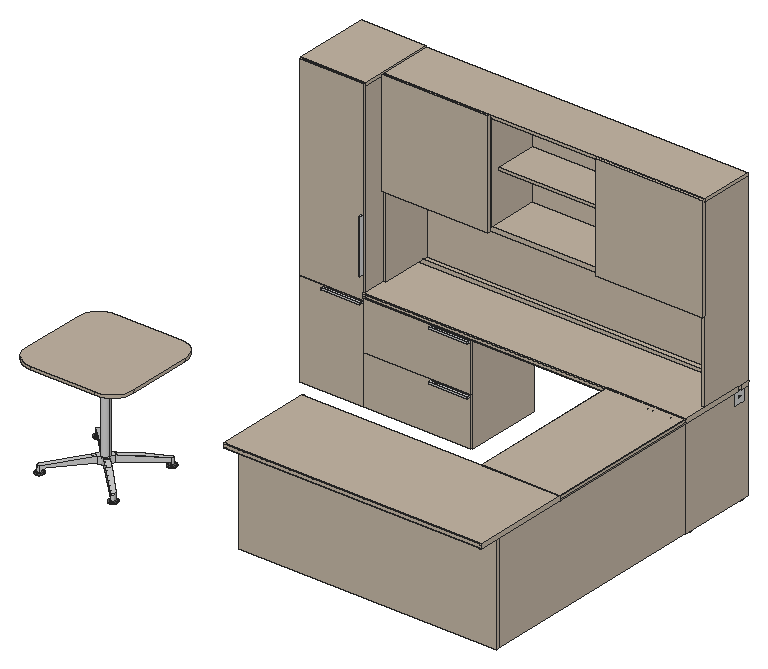
Revit family "FLT007", category Furniture, Revit 2015
Parameters
  Series = "Flux Laminate"
  Manufacturer = "JSI"
  Description = "VL007"
Reference planes (in)
  plane 1 "Center Front/Back": y = 0
  plane 2: z = 0
  plane 3 "Center Left/Right": x = 0
Dimensions and locks (in)
  aligned and locked: level to plane 2
Nested families (in)
  nested 1: "JSI-Flux-Adj_U_Table_Desk_Bridge" at (-35.34409, -82.41031, 1.15479) x (-1, 0, 0) z (0, 0, 1), type "FLT3072-U44AHL, Adj, Dsk L, 80x72, Lam"
    with Height 2' - 5", Total Depth 5' - 11 3/8", L yes, Post Dist 0' - 2 5/16", Int Pnl Dist 0' - 3 53/64", HW Dist 0' - 1 5/64", Gld Dist 0' - 10", Frnt Pnl Dist 0' - 0 53/64", Frnt Fill Dist 0' - 11 21/64", Frnt Cap Dist 0' - 0 53/64", Fill Dist 5' - 8 11/64", End L 0' - 0 1/8", End R 3' - 8", Depth 2' - 3 1/2", Cap Dist R 2' - 2 5/8", Cap Dist L 4' - 3 7/16", Bridge Dist 0' - 0", Bk Prtn Dist 0' - 3 3/4"
  nested 2: "JSI-Flux-File_Pdst_Crdnz" at (-53.21582, -10.75, 0), type "FLT2290-29F4KST, Lt File Pdst Crdnz, Spl Wrksf, L, Laminate"
    with Width 7' - 6", V_Panel_ Dist 7' - 4 3/4", H_Panel_Dist 5' - 10 3/4"
  nested 3: "JSI-Flux-Dbl_Ht_OH_Cab_Sldng_Dr" at (-53.21582, -10.75, 0), type "FLT1690-52SD, Dbl Ht Strg OH Cab, Sldng Dr, Laminate"
    with Width 7' - 5 7/8", Shelf Width_L 2' - 4 13/16", Shelf Width_R 2' - 4 13/16", Shelf Dist_R 5' - 0 5/16", Shelf Dist_C 2' - 6 5/16", Partition Distance_R 2' - 5 9/16", Partition Distance_L 2' - 5 9/16", Door Width 2' - 5 7/8", Door Array Dist 5' - 0", Door Adjust Width 1' - 2 7/8", Shelf Width_Central 2' - 5 1/4"
  nested 4: "JSI-Flux-Wb_Pm_Ht" at (-71.21582, -10.75, 0), type "FLT2218-81FADL, Pntr Drw, Strg Cab, L, Laminate"
    with W yes, V_Void_Dist 0' - 2", V_Pull_R_L no, V_Pull_L_R yes, Top_Pull_Dist 0' - 6 29/32", Top_2_Pull_Dist 0' - 9 5/16", R_Vertical_Pull_Dist 1' - 6 11/32", Partition no, L_Vertical_Pull_Dist 1' - 5 25/32", Hngr_L no, H_Void_Width 1' - 6 1/16", H_Void_Upper_Dist 0' - 2", H_Void_C_Dist 0' - 2", H_Void_Bottom_Dist 0' - 2", H_Dist_V_Void 0' - 8 31/32", Top_Shelf_Width 1' - 4 1/2", H_Dist_Bottom_Shelf 0' - 0", F2 no, F1 no, F0 no, F no, C_Shelf_Width 1' - 4 1/2", C_Pull_Dist 0' - 6 29/32", C_Pull no, Bottom_Shelf_Width 1' - 4 1/2", Bottom_Pull_Dist 0' - 6 29/32", Bottom Pull no
  nested 5: "JSI-Flux-Square-Stationary_Table" at (-80.21582, -88.75, 0), type "FLT3030ST4B,Laminate 30x30 Square Stationary Height Table"
Definition of nested family "JSI-Flux-Adj_U_Table_Desk_Bridge"
  Parameters (values of type "Type Catalog Family - Adj U Desk 36D Brdg")
    Worksurface = none
    Width = 6' - 0"
    URL = "www.jsifurniture.com"
    Type Comments = ""
    Total Depth = 6' - 5 3/8"
    Top Ovrhng = 0' - 5 3/8"
    Series = "FLUX"  # constant formula
    L = no
    Post Dist = if(L, 0' 2 5/16", Width - 0' 2 5/16")  # 5' - 9 11/16"
    Model = "FLT3672-U44AHL"
    Material = ""
    Manufacturer = "JSI"  # constant formula
    Int Pnl Dist = if(L, 0' 3 53/64", Width - 0' 4 37/64")  # 5' - 7 27/64"
    HW Dist = if(L, 0' 1 5/64", Width - 0' 8")  # 5' - 4"
    Gld Dist = if(L, (Bridge Dpth / 2) - 0' 1", Width - (Bridge Dpth / 2) + 0' 1")  # 5' - 2"
    Frnt Pnl W = (Bridge Dpth / 2) + 0' 0 1/4"  # 0' - 11 1/4"
    Frnt Pnl Dist = if(L, 4' 5" / 64, Width - Frnt Pnl W - 4' 5" / 64)  # 4' - 11 59/64"
    Frnt Fill Dist = if(L, (Bridge Dpth / 2 + 0' 0 21/64"), Width - (Bridge Dpth / 2 + 0' 1 5/64"))  # 4' - 11 59/64"
    Frnt Cap W = Frnt Pnl W - 0' 0 3/4"  # 0' - 10 1/2"
    Frnt Cap Dist = if(L, 4' 5" / 64, (Width - (Frnt Pnl W + 0' 5" / 64)))  # 5' - 0 43/64"
    Fill Dist = if(L, Width - 0' 3 53/64", 0' 0 13/16")  # 0' - 0 13/16"
    End L = if(L, 0' 0 1/8", Total Depth - Depth + 0' 0 1/8")  # 3' - 8"
    Keynote = "12500"
    JSI Enviromental Website = "http://www.jsifurniture.com/jsi_sustainability_intro.php"
    Height [instance] = 2' - 5"
    Glides = none
    Frame = none
    End R = if(L, Total Depth - Depth + 0' 0 1/8", 0' 0 1/8")  # 0' - 0 1/8"
    Description = "80\" x 72\" Adjustable Height U Desk Shell and Bridge"
    Depth = 2' - 9 1/2"
    Chassis = none
    Cap Dist R = if(L, Depth - 0' 7" / 8, Total Depth - 1' 7 15/16")  # 4' - 9 7/16"
    Cap Dist L = if(L, Total Depth - 1' 7 15/16", Depth - 0' 0 7/8")  # 2' - 8 5/8"
    Bridge Dpth = 1' - 10"  # constant formula
    Bridge Dist = if(L, 0' 0", Width - Bridge Dpth)  # 4' - 2"
    Bk Prtn Dist = if(Depth < 2' 4", 0' 3 3/4", 0' 6 1/2")  # 0' - 6 1/2"
    Assembly Code = "E2020200"
  Reference planes (in)
    plane 1: z = -1.14927
    plane 2 "Center (Left/Right)": x = -36.06413
    plane 3: z = 27.85073
    plane 4: z = 26.66323
    plane 5 "Center (Front/Back)": y = 10.75
    plane 6: z = -0.83677
    plane 7: y = -22.75
    plane 8: x = 35.93587
    plane 9: x = -0.06413
    plane 10: x = -35.23195
    plane 11: x = -31.48195
    plane 12: x = -35.98195
    plane 13: x = 35.10368
    plane 14: x = 31.35368
    plane 15: x = 35.85368
    plane 16: y = 5.375
    plane 17: y = 4.625
    plane 18: z = 26.40821
    plane 19: y = -9.0625
    plane 20: y = -66.625
    plane 21: x = 33.62337
    plane 22: y = -56
    plane 23: y = -22.625
  Forms (in)
    Extrusion 1, solid, material <- "Chassis"
      sketch origin (0, 0, -1.14927) x (1, 0, 0) y (0, 1, 0)
        loop
          line (-35.98195, 5.375) -> (-35.98195, 4.625) -> (35.85368, 4.625) -> (35.85368, 5.375) -> (-35.98195, 5.375)
      from 0.3125 to 27.55748
    Extrusion 2, solid, material <- "Chassis"
      sketch origin (0, 0, -1.14927) x (1, 0, 0) y (0, 1, 0)
        loop
          line (-35.98195, -22.625) -> (-35.23195, -22.625) -> (-35.23195, 4.625) -> (-35.98195, 4.625) -> (-35.98195, -22.625)
        loop
          line (35.85368, 4.625) -> (35.10368, 4.625) -> (35.10368, -66.5) -> (35.85368, -66.5) -> (35.85368, 4.625)
      from 0.3125 to 27.55748
    Extrusion 3, solid, material <- "Worksurface"
      sketch origin (0, 0, 0) x (0, 1, 0) y (0, 0, 1)
        loop
          line (10.625, 27.85073) -> (-22.625, 27.85073)
          arc (-22.625, 27.85073) -> (-22.71339, 27.81412) -> (-22.75, 27.72573) r 0.125
          line (-22.75, 27.72573) -> (-22.75, 26.78823)
          arc (-22.75, 26.78823) -> (-22.71339, 26.69984) -> (-22.625, 26.66323) r 0.125
          line (-22.625, 26.66323) -> (10.625, 26.66323)
          arc (10.625, 26.66323) -> (10.71339, 26.69984) -> (10.75, 26.78823) r 0.125
          line (10.75, 26.78823) -> (10.75, 27.72573)
          arc (10.75, 27.72573) -> (10.71339, 27.81412) -> (10.625, 27.85073) r 0.125
      from -36.06413 to 35.93587
    Extrusion 4, solid, material <- "Frame", detail levels medium+fine
      sketch origin (0, 0, -1.14927) x (1, 0, 0) y (0, 1, 0)
        loop
          line (-32.87663, -7.4252) -> (-34.76148, -7.4252)
          arc (-34.76148, -7.4252) -> (-34.93825, -7.49842) -> (-35.01148, -7.6752) r 0.25
          line (-35.01148, -7.6752) -> (-35.01148, -10.3248)
          arc (-35.01148, -10.3248) -> (-34.93825, -10.50158) -> (-34.76148, -10.5748) r 0.25
          line (-34.76148, -10.5748) -> (-32.87663, -10.5748)
          arc (-32.87663, -10.5748) -> (-32.69986, -10.50158) -> (-32.62663, -10.3248) r 0.25
          line (-32.62663, -10.3248) -> (-32.62663, -7.6752)
          arc (-32.62663, -7.6752) -> (-32.69986, -7.49842) -> (-32.87663, -7.4252) r 0.25
        loop
          arc (32.74837, -7.4252) -> (32.57159, -7.49842) -> (32.49837, -7.6752) r 0.25
          line (32.49837, -7.6752) -> (32.49837, -10.3248)
          arc (32.49837, -10.3248) -> (32.57159, -10.50158) -> (32.74837, -10.5748) r 0.25
          line (32.74837, -10.5748) -> (34.63321, -10.5748)
          arc (34.63321, -10.5748) -> (34.80998, -10.50158) -> (34.88321, -10.3248) r 0.25
          line (34.88321, -10.3248) -> (34.88321, -7.6752)
          arc (34.88321, -7.6752) -> (34.80998, -7.49842) -> (34.63321, -7.4252) r 0.25
          line (34.63321, -7.4252) -> (32.74837, -7.4252)
      from 2.28435 to 23.9895
    Extrusion 5, solid, material <- "Frame"
      sketch origin (0, 4.9375, 0) x (0, 1, 0) y (0, 0, 1)
        loop
          line (-10.99508, 26.52878) -> (-11.99508, 26.52878) -> (-11.99508, 24.71628) -> (-11.87008, 24.71628) -> (-11.87008, 26.40821) -> (-10.99508, 26.40821) -> (-10.99508, 26.52878)
        loop
          line (-16.80758, 26.52878) -> (-16.80758, 26.40821) -> (-15.93258, 26.40821) -> (-15.93258, 24.71628) -> (-15.80758, 24.71628) -> (-15.80758, 26.52878) -> (-16.80758, 26.52878)
      from -34.99179 to 34.86352
    Extrusion 6, solid, material <- "Frame", detail levels medium+fine
      sketch origin (0, 4.9375, 0) x (1, 0, 0) y (0, 0, 1)
        loop
          line (-34.99179, 26.52878) -> (-34.99179, 24.72271) -> (-28.49179, 24.72271) -> (-28.07841, 25.50018) -> (-28.07841, 26.52878) -> (-34.99179, 26.52878)
        loop
          line (34.86352, 26.52878) -> (27.95014, 26.52878) -> (27.95014, 25.50018) -> (28.36352, 24.72271) -> (34.86352, 24.72271) -> (34.86352, 26.52878)
      from 11.99508 to 15.80758
    Extrusion 7, solid, material <- "Frame"
      sketch origin (0, 0, 0) x (1, 0, 0) y (0, 0, 1)
        loop
          line (-34.99179, 24.66328) -> (-34.99179, 26.52878) -> (-33.02098, 26.52878) -> (-33.02098, 26.66323) -> (-35.14598, 26.66323) -> (-35.14598, 24.66328) -> (-34.99179, 24.66328)
        loop
          line (34.86352, 24.66328) -> (35.01771, 24.66328) -> (35.01771, 26.66323) -> (32.89271, 26.66323) -> (32.89271, 26.52878) -> (34.86352, 26.52878) -> (34.86352, 24.66328)
      from 2.05193 to 15.9419
    Extrusion 8, solid, material <- "Frame"
      sketch origin (0, 0, -1.14927) x (1, 0, 0) y (0, 1, 0)
        loop
          arc (-34.63746, -7.70817) -> (-34.81424, -7.78139) -> (-34.88746, -7.95817) r 0.25
          line (-34.88746, -7.95817) -> (-34.88746, -10.16683)
          arc (-34.88746, -10.16683) -> (-34.81424, -10.34361) -> (-34.63746, -10.41683) r 0.25
          line (-34.63746, -10.41683) -> (-33.1099, -10.41683)
          arc (-33.1099, -10.41683) -> (-32.93313, -10.34361) -> (-32.8599, -10.16683) r 0.25
          line (-32.8599, -10.16683) -> (-32.8599, -7.95817)
          arc (-32.8599, -7.95817) -> (-32.93313, -7.78139) -> (-33.1099, -7.70817) r 0.25
          line (-33.1099, -7.70817) -> (-34.63746, -7.70817)
        loop
          line (34.58419, -7.70817) -> (32.90663, -7.70817)
          arc (32.90663, -7.70817) -> (32.78289, -7.75943) -> (32.73163, -7.88317) r 0.175
          line (32.73163, -7.88317) -> (32.73163, -10.24183)
          arc (32.73163, -10.24183) -> (32.78289, -10.36557) -> (32.90663, -10.41683) r 0.175
          line (32.90663, -10.41683) -> (34.58419, -10.41683)
          arc (34.58419, -10.41683) -> (34.70794, -10.36557) -> (34.75919, -10.24183) r 0.175
          line (34.75919, -10.24183) -> (34.75919, -7.88317)
          arc (34.75919, -7.88317) -> (34.70794, -7.75943) -> (34.58419, -7.70817) r 0.175
      from 23.9895 to 25.87198
    Extrusion 9, void
      sketch origin (0, 0, 0) x (0, 1, 0) y (0, 0, 1)
        loop
          line (-6.84477, 24.60078) -> (0.89292, 24.60078) -> (0.89292, 25.92937) -> (-6.84477, 24.60078)
        loop
          line (-11.44111, 24.60078) -> (-19.01792, 25.96761) -> (-19.01792, 24.60078) -> (-11.44111, 24.60078)
      from -35.14598 to 35.01771
    Extrusion 10, solid, material <- "Glides"
      sketch origin (0, 0, -1.14927) x (1, 0, 0) y (0, 1, 0)
        loop
          circle (-33.73095, 1.87603) r 1.1875
        loop
          circle (-33.73095, -20.00103) r 1.1875
        loop
          circle (33.60268, 1.87603) r 1.1875
        loop
          circle (33.60268, -20.00103) r 1.1875
        loop
          circle (33.62337, -48.55918) r 1.1875
        loop
          circle (33.62337, -63.44082) r 1.1875
      from 0 to 0.3125
    Extrusion 11, solid, material <- "Frame", detail levels medium+fine
      sketch origin (0.08246, -44.44082, -1.14927) x (1, 0, 0) y (0, 1, 0)
        loop
          line (34.48332, -9.98438) -> (32.59848, -9.98438)
          arc (32.59848, -9.98438) -> (32.4217, -10.0576) -> (32.34848, -10.23438) r 0.25
          line (32.34848, -10.23438) -> (32.34848, -12.88398)
          arc (32.34848, -12.88398) -> (32.4217, -13.06076) -> (32.59848, -13.13398) r 0.25
          line (32.59848, -13.13398) -> (34.48332, -13.13398)
          arc (34.48332, -13.13398) -> (34.6601, -13.06076) -> (34.73332, -12.88398) r 0.25
          line (34.73332, -12.88398) -> (34.73332, -10.23438)
          arc (34.73332, -10.23438) -> (34.6601, -10.0576) -> (34.48332, -9.98438) r 0.25
      from 2.28435 to 23.9895
    Extrusion 12, solid, material <- "Frame"
      sketch origin (-4.97261, -0.65718, -1.14927) x (1, 0, 0) y (0, 1, 0)
        loop
          arc (37.78532, -53.90255) -> (37.60854, -53.97578) -> (37.53532, -54.15255) r 0.25
          line (37.53532, -54.15255) -> (37.53532, -56.53309)
          arc (37.53532, -56.53309) -> (37.60854, -56.70987) -> (37.78532, -56.78309) r 0.25
          line (37.78532, -56.78309) -> (39.40663, -56.78309)
          arc (39.40663, -56.78309) -> (39.58341, -56.70987) -> (39.65663, -56.53309) r 0.25
          line (39.65663, -56.53309) -> (39.65663, -54.13751)
          arc (39.65663, -54.13751) -> (39.58781, -53.97137) -> (39.42167, -53.90255) r 0.23496
          line (39.42167, -53.90255) -> (37.78532, -53.90255)
      from 23.9895 to 25.87198
    Extrusion 13, solid, material <- "Chassis"
      sketch origin (0, 0, -1.14927) x (1, 0, 0) y (0, 1, 0)
        loop
          line (23.85774, -62) -> (23.85774, -62.75) -> (35.10774, -62.75) -> (35.10774, -62) -> (23.85774, -62)
        loop
          line (23.85774, -65.75) -> (23.85774, -66.5) -> (35.10774, -66.5) -> (35.10774, -65.75) -> (23.85774, -65.75)
      from 0.3125 to 27.55748
    Extrusion 14, solid, material <- "Chassis"
      sketch origin (0, 0, -1.14927) x (1, 0, 0) y (0, 1, 0)
        loop
          line (-35.25163, -21.875) -> (-35.25163, -22.625) -> (-32.25163, -22.625) -> (-32.25163, -21.875) -> (-35.25163, -21.875)
      from 0.3125 to 27.55748
    Extrusion 15, solid, material <- "Worksurface"
      sketch origin (27.5, 0, 0) x (1, 0, 0) y (0, 0, 1)
        loop
          line (-13.56413, 27.72573) -> (-13.56413, 26.78823)
          arc (-13.56413, 26.78823) -> (-13.52752, 26.69984) -> (-13.43913, 26.66323) r 0.125
          line (-13.43913, 26.66323) -> (8.31087, 26.66323)
          arc (8.31087, 26.66323) -> (8.39925, 26.69984) -> (8.43587, 26.78823) r 0.125
          line (8.43587, 26.78823) -> (8.43587, 27.72573)
          arc (8.43587, 27.72573) -> (8.39925, 27.81412) -> (8.31087, 27.85073) r 0.125
          line (8.31087, 27.85073) -> (-13.43913, 27.85073)
          arc (-13.43913, 27.85073) -> (-13.52752, 27.81412) -> (-13.56413, 27.72573) r 0.125
      from 22.75 to 66.625
    Extrusion 16, solid, material <- "Chassis"
      sketch origin (0, 0, -1.14927) x (1, 0, 0) y (0, 1, 0)
        loop
          line (23.85774, -62.75) -> (23.85774, -65.75) -> (24.60368, -65.75) -> (24.60368, -62.75) -> (23.85774, -62.75)
      from 0.3125 to 27.55748
    Extrusion 17, solid, material <- "Chassis"
      sketch origin (0, 0, -1.14927) x (1, 0, 0) y (0, 1, 0)
        loop
          line (31.35774, -1.875) -> (32.10774, -1.875) -> (32.10774, 4.625) -> (31.35774, 4.625) -> (31.35774, -1.875)
        loop
          line (31.35774, -16.125) -> (31.35774, -46.6875) -> (32.10774, -46.6875) -> (32.10774, -16.125) -> (31.35774, -16.125)
      from 0.3125 to 27.55748
    Extrusion 18, solid, material <- "Chassis"
      sketch origin (0, 0, -1.14927) x (1, 0, 0) y (0, 1, 0)
        loop
          line (31.35774, -1.9375) -> (31.35774, -16.0625) -> (32.10774, -16.0625) -> (32.10774, -1.9375) -> (31.35774, -1.9375)
        loop
          line (31.35774, -61.875) -> (32.10774, -61.875) -> (32.10774, -46.75) -> (31.35774, -46.75) -> (31.35774, -61.875)
      from 0.3125 to 25.5
    Extrusion 19, solid, material <- "Chassis"
      sketch origin (0, 0, -1.14927) x (1, 0, 0) y (0, 1, 0)
        loop
          line (-35.23195, -1.125) -> (-35.23195, -1.875) -> (-32.23195, -1.875) -> (-32.23195, -1.125) -> (-35.23195, -1.125)
        loop
          line (35.10368, -1.125) -> (32.10368, -1.125) -> (32.10368, -1.875) -> (35.10368, -1.875) -> (35.10368, -1.125)
      from 2.28435 to 26.81693
    Extrusion 20, solid, material <- "Chassis"
      sketch origin (-12.12827, 0, -1.14927) x (-1, 0, 0) y (0, -1, 0)
        loop
          line (19.35774, 1.9375) -> (20.10774, 1.9375) -> (20.10774, 16.0625) -> (19.35774, 16.0625) -> (19.35774, 1.9375)
      from 0.3125 to 25.5
    Extrusion 21, solid, material <- "Chassis"
      sketch origin (0, -15, -1.14927) x (1, 0, 0) y (0, 1, 0)
        loop
          line (-35.23195, -1.125) -> (-35.23195, -1.875) -> (-32.23195, -1.875) -> (-32.23195, -1.125) -> (-35.23195, -1.125)
        loop
          line (35.10368, -1.125) -> (32.10368, -1.125) -> (32.10368, -1.875) -> (35.10368, -1.875) -> (35.10368, -1.125)
      from 2.28435 to 26.81693
    Extrusion 22, solid, material <- "Chassis"
      sketch origin (0, -7.25502, 26.40821) x (0, 1, 0) y (-1, 0, 0)
        loop
          line (11.88002, 35.23195) -> (5.38002, 35.23195) -> (5.38002, 32.23195) -> (11.88002, 32.23195) -> (11.88002, 35.23195)
        loop
          line (11.88002, -32.10774) -> (5.38002, -32.10774) -> (5.38002, -35.10368) -> (11.88002, -35.10368) -> (11.88002, -32.10774)
        loop
          line (-8.86998, 35.23195) -> (-14.61998, 35.23195) -> (-14.61998, 32.23195) -> (-8.86998, 32.23195) -> (-8.86998, 35.23195)
        loop
          line (-8.86998, -32.10774) -> (-39.43248, -32.10774) -> (-39.43248, -35.10368) -> (-8.86998, -35.10368) -> (-8.86998, -32.10774)
      from -0.74055 to 0
    Extrusion 23, solid, material <- "Chassis"
      sketch origin (0, -7.25502, 26.40821) x (0, 1, 0) y (-1, 0, 0)
        loop
          line (-55.49498, -24.60774) -> (-58.49498, -24.60774) -> (-58.49498, -35.10774) -> (-55.49498, -35.10774) -> (-55.49498, -24.60774)
      from 0 to -0.74055
    Extrusion 24, solid, material <- "Chassis"
      sketch origin (0, -7.25502, 26.40821) x (0, 1, 0) y (-1, 0, 0)
        loop
          line (-39.43248, -35.12337) -> (-38.68248, -35.12337) -> (-38.68248, -32.12337) -> (-39.43248, -32.12337) -> (-39.43248, -35.12337)
      from -0.74055 to -25.27313
    Extrusion 25, solid, material <- "Frame"
      sketch origin (34.75, -47.03617, 0) x (1, 0, 0) y (0, 0, 1)
        loop
          line (-6.81413, 26.52878) -> (-6.81413, 25.50046) -> (-6.39226, 24.71628) -> (-0.31906, 24.71628) -> (0.10282, 25.50046) -> (0.10282, 26.52878) -> (-6.81413, 26.52878)
      from 7.05758 to 10.87008
    Extrusion 26, solid, material <- "Chassis"
      sketch origin (0, -7.25502, 26.40821) x (0, 1, 0) y (-1, 0, 0)
        loop
          line (11.88002, 31.48601) -> (11.88002, 32.23601) -> (5.38002, 32.23601) -> (5.38002, 31.48601) -> (11.88002, 31.48601)
        loop
          line (-8.86998, 31.48601) -> (-8.86998, 32.23601) -> (-15.36998, 32.23601) -> (-15.36998, 31.48601) -> (-8.86998, 31.48601)
      from -27.24498 to 0
    Extrusion 27, solid, material <- "Glides"
      sketch origin (0, -7.25502, 26.40821) x (0, 1, 0) y (-1, 0, 0)
        loop
          circle (-57.86998, -25.93587) r 0.4375
      from -27.55748 to -27.24498
  Cuts and joins
    Extrusion 9 cuts Extrusion 7
  Lines and regions (in)
    symbolic lines
      curve 1: line (-36.06413, 10.75, -1.14927) -> (35.93587, 10.75, -1.14927)
      curve 2: line (-36.06413, -22.75, -1.14927) -> (-36.06413, 10.75, -1.14927)
      curve 3: line (35.93587, -22.75, -1.14927) -> (-36.06413, -22.75, -1.14927)
      curve 4: line (35.93587, 10.75, -1.14927) -> (35.93587, -22.75, -1.14927)
      curve 13: line (13.93587, -66.625, 26.40821) -> (35.93587, -66.625, 26.40821)
      curve 14: line (13.93587, -22.75, 26.40821) -> (13.93587, -66.625, 26.40821)
      curve 15: line (35.93587, -22.75, 26.40821) -> (35.93587, -66.625, 26.40821)
    symbolic lines, detail levels medium+fine
      curve 5: line (35.85368, 5.375, -1.14927) -> (-35.98195, 5.375, -1.14927)
      curve 6: line (-35.98195, 4.625, -1.14927) -> (35.85368, 4.625, -1.14927)
      curve 7: line (35.85368, -22.875, -1.14927) -> (35.85368, 5.375, -1.14927)
      curve 16: line (-34.99179, -11.87008, 26.40821) -> (34.86352, -11.87008, 26.40821)
    symbolic lines, detail levels fine
      curve 8: line (34.86352, -6.05758, -1.14927) -> (-34.99179, -6.05758, -1.14927)
      curve 9: line (-28.07841, -10.87008, -1.14927) -> (-28.07841, -7.05758, -1.14927)
      curve 10: line (27.95014, -7.05758, -1.14927) -> (27.95014, -10.87008, -1.14927)
      curve 11: line (34.86352, -10.87008, -1.14927) -> (-34.99179, -10.87008, -1.14927)
      curve 12: line (-34.99179, -7.05758, -1.14927) -> (34.86352, -7.05758, -1.14927)
  Dimensions and locks (in)
    locked: plane 6 to level at 0.3125
    "Depth": plane 7 to plane 5 "Center (Front/Back)"
    locked: plane 3 to plane 4 at 1.1875
    "Height": plane 3 to level
    "Width": plane 2 "Center (Left/Right)" to plane 8
    equal spacing: plane 2 "Center (Left/Right)", plane 9, plane 8
    plane 2 "Center (Left/Right)" to plane 12 to plane 10 to plane 11 = 0' - 0.08219" locked, 0' - 0 3/4" locked, 0' - 3 3/4" locked
    plane 14 to plane 13 to plane 15 to plane 8 = 0' - 3 3/4" locked, 0' - 0 3/4" locked, 0' - 0.08219" locked
    locked: plane 18 to level at 27.55748
    plane 2 "Center (Left/Right)" to Extrusion 4 sketch curve to Extrusion 4 sketch curve = 0' - 1.05266" locked, 0' - 2.38484" locked
    plane 8 to Extrusion 4 sketch curve to Extrusion 4 sketch curve = 0' - 1.05266" locked, 0' - 2.38484" locked
    plane 4 to Extrusion 6 sketch curve to Extrusion 6 sketch curve = 0' - 0.13445" locked, 0' - 1.80607" locked  (x2)
    Extrusion 6 sketch curve to Extrusion 6 sketch curve to plane 10 = 0' - 6.91339" locked, 0' - 0.24016" locked
    plane 8 to Extrusion 6 sketch curve to Extrusion 6 sketch curve = 0' - 1.07234" locked, 0' - 6.91339" locked
    locked: Extrusion 5 to plane 2 "Center (Left/Right)" at 1.07234
    locked: plane 8 to Extrusion 5 at 1.07234
    equal spacing: plane 17, plane 19, plane 7
    Extrusion 7 sketch curve to Extrusion 7 sketch curve to Extrusion 7 sketch curve to plane 10 = 0' - 1.97081" locked, 0' - 0.15419" locked, 0' - 0.08597" locked
    plane 4 to Extrusion 7 sketch curve to Extrusion 7 sketch curve = 0' - 0.13445" locked, 0' - 1.8655" locked  (x2)
    Extrusion 7 sketch curve to Extrusion 7 sketch curve to plane 13 = 0' - 2 1/8" locked, 0' - 0.08597" locked
    Extrusion 5 sketch curve to Extrusion 5 sketch curve to Extrusion 5 sketch curve = 0' - 1.69193" locked, 0' - 0.12057" locked
    plane 2 "Center (Left/Right)" to Extrusion 8 sketch curve to Extrusion 8 sketch curve = 0' - 1.17667" locked, 0' - 2.02756" locked
    Extrusion 8 sketch curve to Extrusion 8 sketch curve to plane 8 = 0' - 2.02756" locked, 0' - 1.17667" locked
    Extrusion 4 sketch curve to plane 19 to Extrusion 4 sketch curve = 0' - 1.6373" locked, 0' - 1.5123" locked
    locked: plane 4 to Extrusion 9 sketch curve at 2.06245  (x2)
    equal spacing: Extrusion 9 sketch curve, plane 19, Extrusion 9 sketch curve
    locked: plane 10 to Extrusion 10 sketch curve at 1.501  (x2)
    locked: Extrusion 10 sketch curve to plane 13 at 1.501  (x2)
    locked: plane 7 to Extrusion 10 sketch curve at 2.74897  (x2)
    locked: plane 16 to Extrusion 10 sketch curve at 3.49897  (x2)
    locked: plane 16 to plane 17 at 0.75
    "Top Ovrhng": plane 5 "Center (Front/Back)" to plane 16
    Extrusion 5 sketch curve to Extrusion 5 sketch curve to Extrusion 5 sketch curve = 0' - 0 7/8" locked, 0' - 0 1/8" locked
    Extrusion 5 sketch curve to Extrusion 5 sketch curve to Extrusion 5 sketch curve = 0' - 0 1/8" locked, 0' - 0 7/8" locked
    Extrusion 5 sketch curve to plane 19 to Extrusion 5 sketch curve = 0' - 2.00492" locked, 0' - 1.80758" locked
    cut or joined group of Extrusion 7, Extrusion 9 to plane 19 to cut or joined group of Extrusion 7, Extrusion 9 = 0' - 7.01057" locked, 0' - 6.8794" locked
    "Total Depth": plane 20 to plane 5 "Center (Front/Back)"
    "End L": plane 20 to Extrusion 2 sketch curve
    "End R": plane 20 to Extrusion 2 sketch curve
    equal spacing: Extrusion 8 sketch curve, plane 19, Extrusion 8 sketch curve, locked at 1.35433 each
    locked: Extrusion 4 to level at 23.9895
    "Post Dist": plane 2 "Center (Left/Right)" to plane 21
    Extrusion 11 sketch curve to plane 21 to Extrusion 11 sketch curve = 0' - 1.19242" locked, 0' - 1.19242" locked
    Extrusion 11 sketch curve to plane 22 to Extrusion 11 sketch curve = 0' - 1.5748" locked, 0' - 1.5748" locked
    Extrusion 12 sketch curve to Extrusion 12 sketch curve to plane 21 to Extrusion 12 sketch curve to Extrusion 12 sketch curve = 0' - 0 1/4" locked, 0' - 0.81065" locked, 0' - 0.8257" locked, 0' - 0.23496" locked
    Extrusion 12 sketch curve to Extrusion 12 sketch curve to plane 22 to Extrusion 12 sketch curve to Extrusion 12 sketch curve = 0' - 0 1/4" locked, 0' - 1.19027" locked, 0' - 1.19027" locked, 0' - 0 1/4" locked
    Extrusion 13 sketch curve to Extrusion 13 sketch curve to Extrusion 13 sketch curve to Extrusion 13 sketch curve to plane 20 = 0' - 0 3/4" locked, 0' - 3" locked, 0' - 0 3/4" locked, 0' - 0 1/8" locked
    "Frnt Pnl W": Extrusion 13 sketch curve to Extrusion 13 sketch curve
    "Frnt Pnl Dist": plane 2 "Center (Left/Right)" to Extrusion 13
    equal spacing: Extrusion 10 sketch curve, plane 22, Extrusion 10 sketch curve, locked at 7.44082 each
    locked: Extrusion 14 sketch curve to Extrusion 14 sketch curve at 3
    plane 7 to Extrusion 14 sketch curve to Extrusion 14 sketch curve = 0' - 0 1/8" locked, 0' - 0 3/4" locked
    "Fill Dist": plane 2 "Center (Left/Right)" to Extrusion 14
    locked: Extrusion 15 sketch curve to Extrusion 15 sketch curve at 0.125  (x4)
    "Bridge Dpth": Extrusion 15 sketch curve to Extrusion 15 sketch curve
    "Bridge Dist": plane 2 "Center (Left/Right)" to Extrusion 15 sketch curve
    locked: Extrusion 16 sketch curve to Extrusion 16 sketch curve at 0.74594
    "Frnt Fill Dist": plane 2 "Center (Left/Right)" to Extrusion 16
    locked: Extrusion 17 sketch curve to Extrusion 17 sketch curve at 0.75
    "Int Pnl Dist": plane 2 "Center (Left/Right)" to Extrusion 17
    "Bk Prtn Dist": plane 17 to Extrusion 17 sketch curve
    locked: plane 22 to plane 20 at 10.625
    locked: Extrusion 18 sketch curve to Extrusion 17 at 0.0625  (x3)
    locked: Extrusion 18 sketch curve to Extrusion 13 at 0.125
    Extrusion 18 to level = 2' - 1 1/2"
    Extrusion 18 sketch curve to Extrusion 18 sketch curve = 1' - 2 1/8"
    locked: Extrusion 19 sketch curve to Extrusion 19 sketch curve at 0.75
    locked: Extrusion 19 sketch curve to plane 13 at 3
    locked: plane 10 to Extrusion 19 sketch curve at 3
    "Bk Prtn Dist": plane 17 to Extrusion 19 sketch curve
    locked: plane 18 to Extrusion 19 at 0.74055
    Extrusion 20 sketch curve to Extrusion 20 sketch curve = 1' - 2 1/8"
    locked: Extrusion 20 sketch curve to Extrusion 20 sketch curve at 0.75
    locked: Extrusion 21 sketch curve to Extrusion 21 sketch curve at 0.75
    "Bk Prtn Dist": plane 17 to Extrusion 22 sketch curve
    "Cap Dist L": Extrusion 22 sketch curve to plane 5 "Center (Front/Back)"
    "Cap Dist R": Extrusion 22 sketch curve to plane 5 "Center (Front/Back)"
    locked: plane 7 to plane 23 at 0.125
    "Bk Prtn Dist": plane 23 to Extrusion 22 sketch curve  (x2)
    "Frnt Cap W": Extrusion 23 sketch curve to Extrusion 23 sketch curve
    "Frnt Cap Dist": plane 2 "Center (Left/Right)" to Extrusion 23
    locked: Extrusion 24 sketch curve to Extrusion 24 sketch curve at 3
    locked: Extrusion 24 sketch curve to Extrusion 24 sketch curve at 0.75
    "Fill Dist": Extrusion 24 to plane 8
    plane 4 to Extrusion 25 sketch curve to Extrusion 25 sketch curve = 0' - 0.13445" locked, 0' - 1 13/16" locked
    Extrusion 25 to plane 22 to Extrusion 25 = 0' - 1 29/32" locked, 0' - 1 29/32" locked
    locked: Extrusion 25 sketch curve to Extrusion 25 sketch curve at 6.91695
    locked: Extrusion 25 sketch curve to Extrusion 25 sketch curve at 0.42187
    locked: Extrusion 25 sketch curve to Extrusion 25 sketch curve at 0.42188
    "HW Dist": Extrusion 25 to plane 2 "Center (Left/Right)"
    "Bk Prtn Dist": Extrusion 26 sketch curve to Extrusion 26 sketch curve  (x2)
    locked: plane 7 to Extrusion 26 sketch curve at 0.125
    locked: Extrusion 26 sketch curve to Extrusion 26 sketch curve at 0.75
    "Int Pnl Dist": Extrusion 26 to plane 8
    locked: Extrusion 20 sketch curve to Extrusion 26 at 0.0625  (x2)
    locked: plane 20 to Extrusion 27 sketch curve at 1.5
    "Gld Dist": plane 2 "Center (Left/Right)" to Extrusion 27 sketch curve
    aligned and locked: level to plane 1
    aligned and locked: plane 12 to Extrusion 1 sketch curve
    aligned and locked: Extrusion 1 sketch curve to plane 16
    aligned and locked: Extrusion 1 sketch curve to plane 17
    aligned and locked: plane 15 to Extrusion 1 sketch curve
    aligned and locked: plane 12 to Extrusion 2 sketch curve
    aligned and locked: Extrusion 2 sketch curve to plane 10
    aligned and locked: Extrusion 2 sketch curve to plane 15
    aligned and locked: plane 13 to Extrusion 2 sketch curve
    aligned and locked: Extrusion 2 sketch curve to plane 17
    aligned and locked: Extrusion 1 to plane 6
    aligned and locked: Extrusion 2 to plane 6
    aligned and locked: Extrusion 2 to plane 18
    aligned and locked: plane 18 to Extrusion 1
    aligned and locked: plane 5 "Center (Front/Back)" to Extrusion 3 sketch curve
    aligned and locked: plane 4 to Extrusion 3 sketch curve
    aligned and locked: Extrusion 3 sketch curve to plane 3
    aligned and locked: Extrusion 3 sketch curve to plane 7
    aligned and locked: Extrusion 3 to plane 2 "Center (Left/Right)"
    aligned and locked: plane 8 to Extrusion 3
    aligned and locked: Extrusion 4 sketch curve to Extrusion 4 sketch curve  (x2)
    aligned and locked: Extrusion 5 sketch curve to Extrusion 5 sketch curve  (x3)
    aligned and locked: Extrusion 6 to Extrusion 5  (x2)
    aligned and locked: Extrusion 7 sketch curve to plane 4
    aligned and locked: plane 4 to Extrusion 7 sketch curve
    aligned and locked: Extrusion 7 to Extrusion 5 sketch curve
    aligned and locked: Extrusion 8 sketch curve to Extrusion 8 sketch curve  (x2)
    aligned and locked: Extrusion 8 to Extrusion 4
    aligned and locked: Extrusion 8 to Extrusion 6
    aligned and locked: Extrusion 7 to Extrusion 9
    aligned and locked: Extrusion 9 to Extrusion 7
    aligned and locked: Extrusion 10 to plane 6
    aligned and locked: Extrusion 10 to level
    aligned and locked: plane 2 "Center (Left/Right)" to curve 2
    aligned and locked: curve 4 to plane 8
    aligned and locked: curve 3 to plane 7
    aligned and locked: plane 5 "Center (Front/Back)" to curve 1
    aligned and locked: curve 5 to Extrusion 1
    aligned and locked: curve 6 to Extrusion 1
    aligned and locked: Extrusion 2 to curve 7
    aligned and locked: curve 8 to Extrusion 5
    aligned and locked: curve 9 to Extrusion 6
    aligned and locked: curve 10 to Extrusion 6
    aligned and locked: curve 11 to Extrusion 5
    aligned and locked: curve 12 to Extrusion 5
    aligned and locked: plane 17 to Extrusion 2 sketch curve
    aligned and locked: Extrusion 11 to Extrusion 4
    aligned and locked: Extrusion 12 to Extrusion 11
    aligned and locked: Extrusion 12 to Extrusion 6
    aligned and locked: Extrusion 13 sketch curve to Extrusion 13 sketch curve  (x2)
    aligned and locked: Extrusion 13 to plane 18
    aligned and locked: plane 6 to Extrusion 13
    aligned and locked: plane 21 to Extrusion 10 sketch curve
    aligned and locked: Extrusion 10 sketch curve to plane 21
    aligned and locked: plane 18 to Extrusion 14
    aligned and locked: Extrusion 14 to plane 6
    aligned and locked: plane 3 to Extrusion 15 sketch curve
    aligned and locked: Extrusion 15 sketch curve to plane 4
    aligned and locked: Extrusion 15 to plane 7
    aligned and locked: plane 20 to Extrusion 15
    aligned and locked: Extrusion 16 to Extrusion 13  (x2)
    aligned and locked: Extrusion 16 to plane 18
    aligned and locked: plane 6 to Extrusion 16
    aligned and locked: Extrusion 17 sketch curve to Extrusion 17 sketch curve  (x2)
    aligned and locked: plane 18 to Extrusion 17
    aligned and locked: Extrusion 17 to plane 6
    aligned and locked: plane 17 to Extrusion 17 sketch curve
    aligned and locked: Extrusion 18 sketch curve to Extrusion 18 sketch curve  (x2)
    aligned and locked: Extrusion 18 to plane 6
    aligned and locked: Extrusion 18 sketch curve to Extrusion 17
    aligned and locked: Extrusion 17 to Extrusion 18 sketch curve
    aligned and locked: Extrusion 19 sketch curve to plane 13
    aligned and locked: plane 10 to Extrusion 19 sketch curve
    aligned and locked: Extrusion 19 sketch curve to Extrusion 19 sketch curve  (x2)
    aligned and locked: Extrusion 18 to Extrusion 20
    aligned and locked: Extrusion 20 to plane 6
    aligned and locked: Extrusion 21 sketch curve to Extrusion 21 sketch curve  (x2)
    aligned and locked: Extrusion 21 sketch curve to Extrusion 19  (x2)
    aligned and locked: Extrusion 19 to Extrusion 21 sketch curve  (x2)
    aligned and locked: Extrusion 21 to Extrusion 19
    aligned and locked: Extrusion 19 to Extrusion 21
    aligned and locked: Extrusion 21 to Extrusion 17
    aligned and locked: plane 18 to Extrusion 22
    aligned and locked: Extrusion 22 to Extrusion 19
    aligned and locked: Extrusion 19 to Extrusion 22
    aligned and locked: Extrusion 22 sketch curve to Extrusion 22 sketch curve  (x3)
    aligned and locked: plane 10 to Extrusion 22 sketch curve  (x2)
    aligned and locked: Extrusion 22 sketch curve to plane 17
    aligned and locked: plane 13 to Extrusion 22 sketch curve  (x2)
    aligned and locked: plane 17 to Extrusion 22 sketch curve
    aligned and locked: Extrusion 13 to Extrusion 23 sketch curve  (x2)
    aligned and locked: plane 18 to Extrusion 23
    aligned and locked: Extrusion 22 to Extrusion 23
    aligned and locked: Extrusion 22 to Extrusion 24
    aligned and locked: Extrusion 19 to Extrusion 24
    aligned and locked: Extrusion 24 to Extrusion 17
    aligned and locked: curve 13 to Extrusion 15
    aligned and locked: curve 14 to Extrusion 15
    aligned and locked: curve 15 to Extrusion 15
    aligned and locked: curve 16 to Extrusion 5
    aligned and locked: plane 17 to Extrusion 26 sketch curve
    aligned and locked: Extrusion 26 sketch curve to Extrusion 26 sketch curve  (x2)
    aligned and locked: Extrusion 26 to Extrusion 20
    aligned and locked: Extrusion 20 to Extrusion 26
    aligned and locked: Extrusion 26 to plane 6
    aligned and locked: plane 18 to Extrusion 26
    aligned and locked: Extrusion 17 to Extrusion 22
    aligned and locked: level to Extrusion 27
    aligned and locked: Extrusion 27 to plane 6
  Automatic sketch dimensions
    curve 6 to plane 12 = 0' - 0"
    curve 5 to plane 12 = 0' - 0"
    plane 17 to curve 6 = 0' - 0"
    plane 10 to curve 11 = 0' - 0.24016"
    plane 10 to curve 12 = 0' - 0.24016"
    plane 10 to curve 8 = 0' - 0.24016"
    plane 13 to curve 8 = 0' - 0.24016"
    plane 13 to curve 12 = 0' - 0.24016"
    plane 13 to curve 11 = 0' - 0.24016"
    plane 7 to curve 7 = 0' - 0 1/8"
    Extrusion 3 sketch curve to Extrusion 3 sketch curve = 0' - 0 1/8"  (x2)
    Extrusion 3 sketch curve to plane 3 = 0' - 0 1/8"
    plane 4 to Extrusion 3 sketch curve = 0' - 0 1/8"
    Extrusion 4 sketch curve to Extrusion 4 sketch curve = 0' - 0 1/4"  (x8)
    Extrusion 6 sketch curve to Extrusion 6 sketch curve = 0' - 0.41339"  (x2)
    Extrusion 6 sketch curve to Extrusion 6 sketch curve = 0' - 0.77747"  (x2)
    Extrusion 7 sketch curve to Extrusion 7 sketch curve = 0' - 0.15419"
    Extrusion 8 sketch curve to Extrusion 8 sketch curve = 0' - 0 1/4"  (x4)
    Extrusion 8 sketch curve to Extrusion 8 sketch curve = 0' - 0.175"  (x4)
    Extrusion 8 sketch curve to plane 19 = 0' - 1.35433"
    Extrusion 9 sketch curve to plane 7 = 0' - 3.73208"
    Extrusion 9 sketch curve to plane 19 = 0' - 2.37861"
    plane 19 to Extrusion 9 sketch curve = 0' - 2.21773"
    Extrusion 9 sketch curve to plane 4 = 0' - 0.73386"
    Extrusion 9 sketch curve to plane 4 = 0' - 0.69562"
    plane 22 to Extrusion 10 sketch curve = 0' - 7.44082"
    Extrusion 11 sketch curve to Extrusion 11 sketch curve = 0' - 0 1/4"  (x4)
    Extrusion 12 sketch curve to Extrusion 12 sketch curve = 0' - 0 1/4"
    plane 14 to Extrusion 14 sketch curve = 5' - 6.60531"
    Extrusion 16 sketch curve to plane 20 = 0' - 0 7/8"
    plane 11 to Extrusion 16 sketch curve = 4' - 7.33969"
    Extrusion 16 sketch curve to Extrusion 16 sketch curve = 0' - 3"
    Extrusion 20 sketch curve to plane 14 = 5' - 2.83969"
    Extrusion 21 sketch curve to plane 7 = 0' - 5 7/8"
    plane 10 to Extrusion 24 sketch curve = 5' - 7.35531"
    plane 22 to Extrusion 24 sketch curve = 0' - 9 5/16"
    plane 10 to Extrusion 25 sketch curve = 5' - 3.16781"
    Extrusion 25 sketch curve to Extrusion 25 sketch curve = 0' - 0.78417"  (x2)
    plane 7 to curve 15 = 0' - 0"
    plane 7 to curve 14 = 0' - 0"
    plane 13 to curve 16 = 0' - 0.24016"
    plane 10 to curve 16 = 0' - 0.24016"
    plane 14 to Extrusion 13 sketch curve = 0' - 7.49594"
    Extrusion 17 sketch curve to plane 14 = 0' - 0.00406"
    Extrusion 17 sketch curve to plane 7 = 0' - 6 5/8"
    plane 22 to Extrusion 17 sketch curve = 0' - 9 5/16"
    Extrusion 22 sketch curve to plane 14 = 0' - 0.75406"
    Extrusion 22 sketch curve to plane 11 = 0' - 0 3/4"
    Extrusion 23 sketch curve to plane 13 = 0' - 0.00406"
    Extrusion 26 sketch curve to plane 11 = 0' - 0.00406"
    radius of Extrusion 10 sketch curve = 0' - 1 3/16"  (x6)
    radius of Extrusion 27 sketch curve = 0' - 0 7/16"
Definition of nested family "JSI-Flux-File_Pdst_Crdnz"
  Parameters (values of type "Type Catalog - Lt File Pdst Crdnz")
    Worksurface = none
    Width = 8' - 0"
    V_Panel_ Dist = if(L, (Width - R_Panel_Width - 0' 0 1/16"), 0' 0 1/16")  # 7' - 10 3/4"
    URL = "www.jsifurniture.com"
    Type Comments = ""
    TAG = "FF"
    Split Worksurface = yes
    Split Dist = if(Split Worksurface, 0' 0", 0' 4")  # 0' - 0"
    R_Panel_Width = if(L, 0' 1 3/16", 0' 0 3/4")  # 0' - 1 3/16"
    Pull Width = if(K4, 0' 10 27/32", 0' 8 27/32")  # 0' - 10 27/32"
    Pull Dist = if(L, Partition Dist + 0' 1 1/2" - 0' 0 7/32" - 0' 0 1/16" - Pull Width, 0' 0 7/32")  # 1' - 6 7/8"
    Partition Dist = if(K4, 2' 4 1/2", 1' 4 1/2")  # 2' - 4 1/2"
    Series = "FLUX"  # constant formula
    Pull Finish = none
    Model = ""
    Manufacturer = "JSI"  # constant formula
    L_Panel_Width = if(L, 0' 0 3/4", 0' 1 3/16")  # 0' - 0 3/4"
    L = yes
    Keynote = "12500"
    K4 = yes
    JSI Enviromental Website = "http://www.jsifurniture.com/jsi_sustainability_intro.php"
    Height = 2' - 5"
    H_Panel_Width = 1' - 6"
    H_Panel_Dist = if(L, V_Panel_ Dist - 1' 6", L_Panel_Width + 0' 0 1/16")  # 6' - 4 3/4"
    Grommet Dist = if(K4, (Partition Dist / 2), (Partition Dist + 0' 4"))  # 1' - 2 1/4"
    Glides = none
    Glide Dist = if(L, 0' 1 3/4", H_Panel_Width - 0' 1 3/4")  # 0' - 1 3/4"
    Door Height = (Height - 0' 1 3/16" - 0' 0 5/16" - 0' 0 3/8") / 2  # 1' - 1 9/16"
    Crdnz Dist = if(L, 0' 0 1/16", (Width - (Partition Dist + 0' 1 1/2" + 0' 0 1/16")))  # 0' - 0 1/16"
    Back = none
    Door Front = none
    Description = ""
    Depth = 1' - 10"
    Chassis = none
    Assembly Code = "E2020200"
  Reference planes (in)
    plane 1: z = 0
    plane 2 "Center (Left/Right)": x = -36.06413
    plane 3 "Center (Front/Back)": y = 10.75
    plane 4: x = -5.93913
    plane 5: x = -36.00163
    plane 6: y = 10.6875
    plane 7: x = -6.00163
    plane 8: x = 11.93587
    plane 9: y = 10.625
    plane 10: y = -11.25
    plane 11: y = -11.125
    plane 12: y = -10.375
    plane 13: y = 9.875
    plane 14: y = 8.6875
    plane 15: y = 6.5
    plane 16: y = 6
    plane 17: y = 5.875
    plane 18: y = -6.375
    plane 19: y = -8.125
    plane 20: z = 0.3125
    plane 21: z = 1.5
    plane 22: z = 2.25
    plane 23: z = 29
    plane 24: z = 27.8125
    plane 25: z = 27.0625
    plane 26: z = 24.5625
    plane 27: z = 14.65625
    plane 28: z = 15.03125
    plane 29: z = 14.28125
    plane 30: x = -35.25163
    plane 31: x = -36.00163
    plane 32: x = -35.25163
    plane 33: x = -6.75163
    plane 34: y = 8.4375
    plane 35: z = 17.15625
    plane 36: y = 9.375
    plane 37: y = 6.875
    plane 38: z = 27.6875
    plane 39: z = 0.4375
    plane 40: x = -35.93913
    plane 41: x = -6.06413
    plane 42: x = -35.93913
    plane 43: z = 27.6875
    plane 44: z = 27.48438
    plane 45: z = 27.48437
    plane 46: y = -9.375
    plane 47: x = -7.75163
    plane 48: x = 11.93587
    plane 49: x = -21.00163
    plane 50: z = 22.8125
    plane 51: y = 9.1875
    plane 52: y = 8.5
    plane 53: y = 7
    plane 54: z = 27
    plane 55: z = 29
    plane 56: x = -34.25163
    plane 57: x = -24.00163
    plane 58: x = -18.00163
    plane 59: z = 26.21875
    plane 60: y = 7.59375
    plane 61: y = 7.84375
    plane 62: y = 7.34375
    plane 63: z = 14
    plane 64: z = 14.125
    plane 65: x = -17.12663
    plane 66: z = 13.79688
    plane 67: x = 59.93587
    plane 68: x = 59.87337
    plane 69: x = 59.81087
    plane 70: x = 58.68587
    plane 71: x = 58.68587
    plane 72: x = 40.68587
    plane 73: x = 58.68587
    plane 74: x = 59.87337
    plane 75: x = 59.27962
    plane 76: x = 42.43587
    plane 77: y = 10.25
    plane 78: x = -21.00163
  Forms (in)
    Extrusion 1, solid, material <- "Chassis"
      sketch origin (0, 0, 0) x (0, 1, 0) y (0, 0, 1)
        loop
          line (10.6875, 27.8125) -> (9.1875, 27.8125) -> (9.1875, 25.0625)
          arc (9.1875, 25.0625) -> (9.04105, 24.70895) -> (8.6875, 24.5625) r 0.5
          line (8.6875, 24.5625) -> (6.5, 24.5625)
          arc (6.5, 24.5625) -> (6.14645, 24.70895) -> (6, 25.0625) r 0.5
          line (6, 25.0625) -> (6, 27.8125) -> (-10.375, 27.8125) -> (-10.375, 0.3125) -> (10.6875, 0.3125) -> (10.6875, 27.8125)
      from -36.00163 to -35.25163
    Extrusion 2, solid, material <- "Back"
      sketch origin (0, 0, 0) x (0, 1, 0) y (0, 0, 1)
        loop
          line (8.6875, 27.8125) -> (8.6875, 22.8125) -> (9.875, 22.8125) -> (9.875, 27.8125) -> (8.6875, 27.8125)
      from -35.25163 to 58.68587
    Extrusion 3, solid, material <- "Worksurface"
      sketch origin (0, 0, 0) x (0, 1, 0) y (0, 0, 1)
        loop
          arc (10.75, 28.875) -> (10.71339, 28.96339) -> (10.625, 29) r 0.125
          line (10.625, 29) -> (-11.125, 29)
          arc (-11.125, 29) -> (-11.21339, 28.96339) -> (-11.25, 28.875) r 0.125
          line (-11.25, 28.875) -> (-11.25, 27.9375)
          arc (-11.25, 27.9375) -> (-11.21339, 27.84911) -> (-11.125, 27.8125) r 0.125
          line (-11.125, 27.8125) -> (10.625, 27.8125)
          arc (10.625, 27.8125) -> (10.71339, 27.84911) -> (10.75, 27.9375) r 0.125
          line (10.75, 27.9375) -> (10.75, 28.875)
      from -36.06413 to 59.93587
    Extrusion 4, solid, material <- "Glides"
      sketch origin (0, 0, 0) x (1, 0, 0) y (0, 1, 0)
        loop
          circle (-7.75163, 8.6875) r 0.5
      from 0 to 0.3125
    Extrusion 5, solid, material <- "Glides"
      sketch origin (0, 0, 0) x (1, 0, 0) y (0, 1, 0)
        loop
          circle (-7.75163, -9.375) r 0.5
      from 0 to 0.3125
    Extrusion 6, solid, material <- "Glides"
      sketch origin (0, 0, 0) x (1, 0, 0) y (0, 1, 0)
        loop
          circle (-34.25163, 8.6875) r 0.5
      from 0 to 0.3125
    Extrusion 7, solid, material <- "Glides"
      sketch origin (0, 0, 0) x (1, 0, 0) y (0, 1, 0)
        loop
          circle (-34.25163, -9.375) r 0.5
      from 0 to 0.3125
    Extrusion 8, solid, material <- "Chassis"
      sketch origin (0, 0, 0) x (0, 1, 0) y (0, 0, 1)
        loop
          line (10.6875, 27.8125) -> (9.1875, 27.8125) -> (9.1875, 25.0625)
          arc (9.1875, 25.0625) -> (9.04105, 24.70895) -> (8.6875, 24.5625) r 0.5
          line (8.6875, 24.5625) -> (6.5, 24.5625)
          arc (6.5, 24.5625) -> (6.14645, 24.70895) -> (6, 25.0625) r 0.5
          line (6, 25.0625) -> (6, 27.8125) -> (-10.375, 27.8125) -> (-10.375, 0.3125) -> (10.6875, 0.3125) -> (10.6875, 27.8125)
      from -6.75163 to -6.00163
    Extrusion 9, void
      sketch origin (0, 0, 0) x (1, 0, 0) y (0, 1, 0)
        loop
          line (59.93587, 8.5) -> (-36.06413, 8.5) -> (-36.06413, 7) -> (59.93587, 7) -> (59.93587, 8.5)
      from 27 to 29
    Extrusion 10, solid, material <- "Back"
      sketch origin (0, 0, 0) x (1, 0, 0) y (0, 0, 1)
        loop
          line (-35.25163, 27.8125) -> (-35.25163, 0.3125) -> (-6.75163, 0.3125) -> (-6.75163, 27.8125) -> (-35.25163, 27.8125)
      from -10.625 to -9.875
    Extrusion 11, solid, material <- "Chassis"
      sketch origin (0, 0, 0) x (0, 1, 0) y (0, 0, 1)
        loop
          line (9.875, 2.25) -> (-10.375, 2.25) -> (-10.375, 1.5) -> (9.875, 1.5) -> (9.875, 2.25)
      from -35.25163 to -6.75163
    Extrusion 12, solid, material <- "Chassis"
      sketch origin (0, 0, 0) x (0, 1, 0) y (0, 0, 1)
        loop
          line (9.875, 1.5) -> (5.875, 1.5) -> (5.875, 0.3125) -> (9.875, 0.3125) -> (9.875, 1.5)
      from -35.25163 to -6.75163
    Extrusion 13, solid, material <- "Chassis"
      sketch origin (0, 0, 0) x (0, 1, 0) y (0, 0, 1)
        loop
          line (-6.375, 1.5) -> (-10.375, 1.5) -> (-10.375, 0.3125) -> (-6.375, 0.3125) -> (-6.375, 1.5)
      from -35.25163 to -6.75163
    Extrusion 14, solid, material <- "Pull Finish"
      sketch origin (0, 0, 0) x (0, 1, 0) y (0, 0, 1)
        loop
          arc (7.84375, 26.92586) -> (7.87949, 26.71752) -> (7.98264, 26.53302) r 0.625
          arc (7.98264, 26.53302) -> (7.59375, 25.71875) -> (7.20486, 26.53302) r 0.5
          arc (7.20486, 26.53302) -> (7.30801, 26.71752) -> (7.34375, 26.92586) r 0.625
          line (7.34375, 26.92586) -> (7.34375, 27.8125) -> (6, 27.8125) -> (6, 25.0625)
          arc (6, 25.0625) -> (6.14645, 24.70895) -> (6.5, 24.5625) r 0.5
          line (6.5, 24.5625) -> (8.6875, 24.5625)
          arc (8.6875, 24.5625) -> (9.04105, 24.70895) -> (9.1875, 25.0625) r 0.5
          line (9.1875, 25.0625) -> (9.1875, 27.8125) -> (7.84375, 27.8125) -> (7.84375, 26.92586)
      from 59.81087 to 59.87337
    Extrusion 15, solid, material <- "Door Front"
      sketch origin (0, 0, 0) x (1, 0, 0) y (0, 1, 0)
        loop
          line (-35.93913, -10.375) -> (-35.93913, -11.125) -> (-6.06413, -11.125) -> (-6.06413, -10.375) -> (-35.93913, -10.375)
      from 14.125 to 27.6875
    Extrusion 16, solid, material <- "Door Front"
      sketch origin (0, 0, 0) x (1, 0, 0) y (0, 1, 0)
        loop
          line (-35.93913, -10.375) -> (-35.93913, -11.125) -> (-6.06413, -11.125) -> (-6.06413, -10.375) -> (-35.93913, -10.375)
      from 0.4375 to 14
    Extrusion 17, void
      sketch origin (0, 0, 0) x (1, 0, 0) y (0, 0, 1)
        loop
          arc (-23.00163, 17.15625) -> (-23.70874, 16.86336) -> (-24.00163, 16.15625) r 1
          line (-24.00163, 16.15625) -> (-24.00163, 15.65625)
          arc (-24.00163, 15.65625) -> (-23.70874, 14.94914) -> (-23.00163, 14.65625) r 1
          line (-23.00163, 14.65625) -> (-19.00163, 14.65625)
          arc (-19.00163, 14.65625) -> (-18.29453, 14.94914) -> (-18.00163, 15.65625) r 1
          line (-18.00163, 15.65625) -> (-18.00163, 16.15625)
          arc (-18.00163, 16.15625) -> (-18.29453, 16.86336) -> (-19.00163, 17.15625) r 1
          line (-19.00163, 17.15625) -> (-23.00163, 17.15625)
      from -10.75 to -9.875
    Extrusion 18, solid, material <- "Pull Finish"
      sketch origin (0, 0, 0) x (0, 1, 0) y (0, 0, 1)
        loop
          arc (7.84375, 26.92586) -> (7.87949, 26.71752) -> (7.98264, 26.53302) r 0.625
          arc (7.98264, 26.53302) -> (7.59375, 25.71875) -> (7.20486, 26.53302) r 0.5
          arc (7.20486, 26.53302) -> (7.30801, 26.71752) -> (7.34375, 26.92586) r 0.625
          line (7.34375, 26.92586) -> (7.34375, 27.8125) -> (6, 27.8125) -> (6, 25.0625)
          arc (6, 25.0625) -> (6.14645, 24.70895) -> (6.5, 24.5625) r 0.5
          line (6.5, 24.5625) -> (8.6875, 24.5625)
          arc (8.6875, 24.5625) -> (9.04105, 24.70895) -> (9.1875, 25.0625) r 0.5
          line (9.1875, 25.0625) -> (9.1875, 27.8125) -> (7.84375, 27.8125) -> (7.84375, 26.92586)
      from -36.00163 to -35.93913
    Extrusion 19, solid, material <- "Worksurface"
      sketch origin (0, 0, 0) x (0, 1, 0) y (0, 0, 1)
        loop
          line (6, 27.0625) -> (6, 27.8125) -> (-10.375, 27.8125) -> (-10.375, 27.0625) -> (6, 27.0625)
      from -35.25163 to -6.75163
    Extrusion 20, solid, material <- "Chassis"
      sketch origin (0, 0, 0) x (0, 1, 0) y (0, 0, 1)
        loop
          line (10.6875, 27.8125) -> (9.1875, 27.8125) -> (9.1875, 25.0625)
          arc (9.1875, 25.0625) -> (9.04105, 24.70895) -> (8.6875, 24.5625) r 0.5
          line (8.6875, 24.5625) -> (6.5, 24.5625)
          arc (6.5, 24.5625) -> (6.14645, 24.70895) -> (6, 25.0625) r 0.5
          line (6, 25.0625) -> (6, 27.8125) -> (-11.125, 27.8125) -> (-11.125, 0.3125) -> (10.6875, 0.3125) -> (10.6875, 27.8125)
      from 58.68587 to 59.87337
    Extrusion 21, solid, material <- "Back"
      sketch origin (0, 0, 0) x (1, 0, 0) y (0, 1, 0)
        loop
          line (40.68587, 10.625) -> (40.68587, 9.875) -> (58.68587, 9.875) -> (58.68587, 10.625) -> (40.68587, 10.625)
      from 0.3125 to 27.8125
    Extrusion 22, solid, material <- "Glides"
      sketch origin (0, 0, 0) x (1, 0, 0) y (0, 1, 0)
        loop
          circle (59.27962, 8.6875) r 0.5
      from 0 to 0.3125
    Extrusion 23, solid, material <- "Glides"
      sketch origin (0, 0, 0) x (1, 0, 0) y (0, 1, 0)
        loop
          circle (59.27962, -9.375) r 0.5
      from 0 to 0.3125
    Extrusion 24, solid, material <- "Glides"
      sketch origin (0, 0, 0) x (1, 0, 0) y (0, 1, 0)
        loop
          circle (42.43587, 10.25) r 0.375
      from 0 to 0.3125
  Cuts and joins
    Extrusion 9 cuts Extrusion 3
    Extrusion 17 cuts Extrusion 10
  Lines and regions (in)
    symbolic lines
      curve 1: line (59.93587, 10.75, 0) -> (-36.06413, 10.75, 0)
      curve 2: line (59.93587, -11.25, 0) -> (-36.06413, -11.25, 0)
      curve 3: line (59.93587, 10.75, 0) -> (59.93587, -11.25, 0)
      curve 4: line (-36.06413, 10.75, 0) -> (-36.06413, -11.25, 0)
    symbolic lines, visible <- "Split Worksurface"
      curve 5: line (59.93587, 8.5, 0) -> (-36.06413, 8.5, 0)
      curve 6: line (59.93587, 7, 0) -> (-36.06413, 7, 0)
    symbolic lines, detail levels medium+fine
      curve 7: line (-36.00163, 10.6875, 0) -> (-36.00163, -10.375, 0)
      curve 8: line (-35.25163, 10.6875, 0) -> (-35.25163, -10.375, 0)
      curve 9: line (-35.25163, 10.6875, 0) -> (-36.00163, 10.6875, 0)
      curve 10: line (-35.25163, -10.375, 0) -> (-36.00163, -10.375, 0)
      curve 11: line (-6.75163, 10.6875, 0) -> (-6.75163, -10.375, 0)
      curve 12: line (-6.00163, 10.6875, 0) -> (-6.00163, -10.375, 0)
      curve 13: line (-6.00163, 10.6875, 0) -> (-6.75163, 10.6875, 0)
      curve 14: line (-6.00163, -10.375, 0) -> (-6.75163, -10.375, 0)
      curve 15: line (-6.75163, 10.625, 0) -> (-35.25163, 10.625, 0)
      curve 16: line (-6.75163, 9.875, 0) -> (-35.25163, 9.875, 0)
      curve 17: line (58.68587, 10.625, 0) -> (40.68587, 10.625, 0)
      curve 18: line (58.68587, 9.875, 0) -> (40.68587, 9.875, 0)
      curve 19: line (40.68587, 10.625, 0) -> (40.68587, 9.875, 0)
      curve 20: line (58.68587, 10.625, 0) -> (58.68587, 9.875, 0)
      curve 21: line (58.68587, 10.6875, 0) -> (58.68587, -11.125, 0)
      curve 22: line (59.87337, 10.6875, 0) -> (59.87337, -11.125, 0)
      curve 23: line (59.87337, 10.6875, 0) -> (58.68587, 10.6875, 0)
      curve 24: line (59.87337, -11.125, 0) -> (58.68587, -11.125, 0)
  Dimensions and locks (in)
    plane 2 "Center (Left/Right)" to plane 5 to plane 40 = 0' - 0 1/16" locked, 0' - 0 1/16" locked
    plane 41 to plane 7 to plane 4 = 0' - 0 1/16" locked, 0' - 0 1/16" locked
    plane 14 to plane 13 to plane 9 to plane 6 to plane 3 "Center (Front/Back)" = 0' - 1 3/16" locked, 0' - 0 3/4" locked, 0' - 0 1/16" locked, 0' - 0 1/16" locked
    "Depth": plane 10 to plane 3 "Center (Front/Back)"
    plane 10 to plane 11 to plane 12 = 0' - 0 1/8" locked, 0' - 0 3/4" locked
    plane 16 to plane 15 to plane 13 = 0' - 0 1/2" locked, 0' - 3 3/8" locked
    locked: plane 17 to plane 13 at 4
    locked: plane 12 to plane 18 at 4
    locked: plane 12 to plane 19 at 2.25
    "Height": plane 23 to plane 1
    locked: plane 23 to plane 24 at 1.1875
    plane 21 to plane 20 to plane 1 = 0' - 1 3/16" locked, 0' - 0 5/16" locked
    plane 24 to plane 25 to plane 26 = 0' - 0 3/4" locked, 0' - 2 1/2" locked
    locked: plane 22 to plane 21 at 0.75
    plane 28 to plane 27 to plane 29 = 0' - 0 3/8" locked, 0' - 0 3/8" locked
    plane 31 to plane 30 to plane 56 = 0' - 0 3/4" locked, 0' - 1" locked
    "L_Panel_Width": plane 5 to plane 32
    plane 47 to plane 33 to plane 7 = 0' - 1" locked, 0' - 0 3/4" locked
    locked: plane 34 to plane 13 at 1.4375
    equal spacing: plane 25, plane 27, plane 22
    locked: plane 35 to plane 27 at 2.5
    plane 37 to plane 36 to plane 13 = 0' - 2 1/2" locked, 0' - 0 1/2" locked
    locked: plane 39 to plane 20 at 0.125
    locked: plane 24 to plane 38 at 0.125
    locked: plane 31 to plane 42 at 0.0625
    "Partition Dist": plane 30 to plane 33
    plane 43 to plane 1 = 2' - 3 11/16"
    locked: plane 38 to plane 44 at 0.20313
    locked: plane 43 to plane 45 at 0.20312
    locked: plane 12 to plane 46 at 1
    locked: plane 24 to plane 50 at 5
    locked: plane 51 to plane 13 at 0.6875
    plane 53 to plane 52 to plane 3 "Center (Front/Back)" = 0' - 1 1/2" locked, 0' - 2 1/4" locked
    locked: plane 55 to plane 54 at 2
    "Split Dist": plane 23 to plane 55
    locked: plane 57 to plane 58 at 6
    locked: plane 57 to plane 49 at 3
    "Grommet Dist": plane 49 to plane 33
    locked: plane 24 to plane 59 at 1.59375
    equal spacing: plane 16, plane 60, plane 51
    plane 62 to plane 60 to plane 61 = 0' - 0 1/4" locked, 0' - 0 1/4" locked
    "Door Height": plane 63 to plane 39
    "Door Height": plane 43 to plane 64
    "Pull Dist": plane 31 to plane 65
    locked: plane 63 to plane 66 at 0.20312
    equal spacing: plane 2 "Center (Left/Right)", plane 48, plane 67
    "Width": plane 2 "Center (Left/Right)" to plane 67
    plane 69 to plane 68 to plane 67 = 0' - 0 1/16" locked, 0' - 0 1/16" locked
    "R_Panel_Width": plane 70 to plane 68
    "Crdnz Dist": plane 2 "Center (Left/Right)" to plane 31
    "H_Panel_Dist": plane 2 "Center (Left/Right)" to plane 72
    plane 71 to plane 74 = 0' - 1 3/16"
    "V_Panel_ Dist": plane 2 "Center (Left/Right)" to plane 71
    "H_Panel_Width": plane 72 to plane 73
    "Glide Dist": plane 72 to plane 76
    locked: plane 77 to plane 9 at 0.375
    locked: plane 71 to plane 75 at 0.59375
    equal spacing: plane 56, plane 78, plane 47
    radius of Extrusion 4 sketch curve = 0' - 0 1/2"
    radius of Extrusion 5 sketch curve = 0' - 0 1/2"
    radius of Extrusion 6 sketch curve = 0' - 0 1/2"
    radius of Extrusion 7 sketch curve = 0' - 0 1/2"
    radius of Extrusion 22 sketch curve = 0' - 0 1/2"
    radius of Extrusion 23 sketch curve = 0' - 0 1/2"
    radius of Extrusion 24 sketch curve = 0' - 0 3/8"
    aligned and locked: level to plane 1
    aligned and locked: plane 12 to Extrusion 1 sketch curve
    aligned and locked: plane 30 to Extrusion 1
    aligned and locked: Extrusion 1 to plane 31
    aligned and locked: plane 14 to Extrusion 2 sketch curve
    aligned and locked: plane 13 to Extrusion 2 sketch curve
    aligned and locked: plane 24 to Extrusion 2 sketch curve
    aligned and locked: Extrusion 2 to plane 32
    aligned and locked: plane 45 to nested 1
    aligned and locked: plane 11 to nested 1  (x2)
    aligned and locked: plane 3 "Center (Front/Back)" to Extrusion 3 sketch curve
    aligned and locked: plane 23 to Extrusion 3 sketch curve
    aligned and locked: plane 24 to Extrusion 3 sketch curve
    aligned and locked: plane 10 to Extrusion 3 sketch curve
    aligned and locked: Extrusion 3 to plane 2 "Center (Left/Right)"
    aligned and locked: Extrusion 6 to plane 1
    aligned and locked: Extrusion 7 to plane 1
    aligned and locked: Extrusion 4 to plane 1
    aligned and locked: Extrusion 5 to plane 1
    aligned and locked: plane 20 to Extrusion 5
    aligned and locked: plane 20 to Extrusion 4
    aligned and locked: plane 20 to Extrusion 7
    aligned and locked: plane 20 to Extrusion 6
    aligned and locked: plane 10 to nested 2
    aligned and locked: curve 1 to plane 3 "Center (Front/Back)"
    aligned and locked: curve 2 to plane 10
    aligned and locked: plane 48 to plane 8
    aligned and locked: Extrusion 2 sketch curve to plane 50
    aligned and locked: plane 51 to Extrusion 1 sketch curve
    aligned and locked: plane 16 to Extrusion 1 sketch curve
    aligned and locked: plane 26 to Extrusion 1 sketch curve
    aligned and locked: plane 6 to Extrusion 8 sketch curve
    aligned and locked: plane 24 to Extrusion 8 sketch curve
    aligned and locked: plane 12 to Extrusion 8 sketch curve
    aligned and locked: plane 20 to Extrusion 8 sketch curve
    aligned and locked: plane 51 to Extrusion 8 sketch curve
    aligned and locked: plane 16 to Extrusion 8 sketch curve
    aligned and locked: plane 26 to Extrusion 8 sketch curve
    aligned and locked: plane 7 to Extrusion 8
    aligned and locked: Extrusion 8 to plane 33
    aligned and locked: Extrusion 1 sketch curve to plane 24  (x2)
    aligned and locked: Extrusion 9 sketch curve to plane 52
    aligned and locked: Extrusion 9 sketch curve to plane 53
